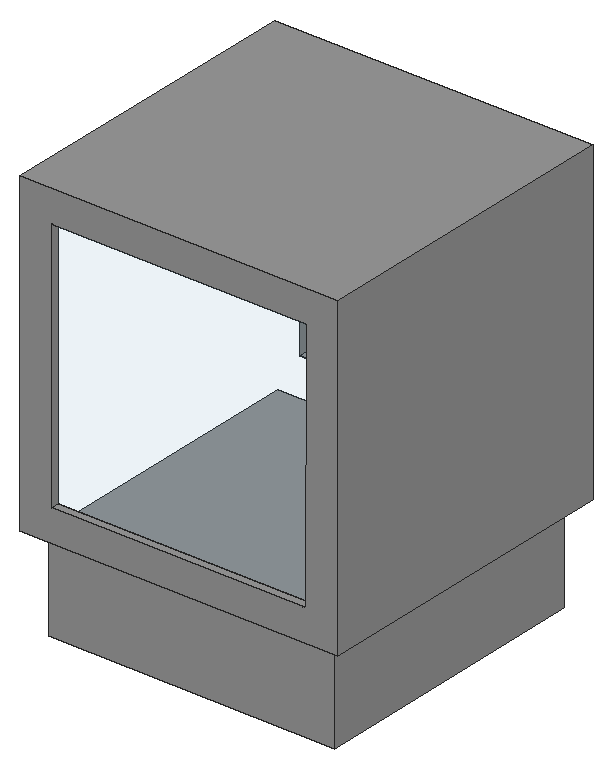
Revit family "UD800", category Lighting Fixtures, host Face, Revit 2024
Family settings
  Host = Face
  Round Connector Dimension = Use Diameter
  Part Type = Normal
  Cut with Voids When Loaded = No
  Light Source = Yes
  Maintain Annotation Orientation = No
  Shared = No
  Room Calculation Point = No
Parameters
  Wattage = 9.2903 W
  built-in parameter 1150110 = 1 (stored number, unit not read)
  URL = "https://cdn.shopify.com/s/files/1/0618/1250/6818/files/Lumux_800_Series.pdf?v=1724112162"
  built-in parameter 1114217 = 1 (stored number, unit not read)
  Tilt Angle = 0.00°
  built-in parameter 1150109 = 1 (stored number, unit not read)
  built-in parameter 1150134 = 3
  built-in parameter 1150113 = 1 (stored number, unit not read)
  built-in parameter 1010507 = 1.5708 (stored number, unit not read)
  built-in parameter 1010506 = 1.5708 (stored number, unit not read)
  Model = "UD800"
  Manufacturer = "sales@lumux.com"
  built-in parameter 1150105 = 4614.1 (stored number, unit not read)
  Lumens = 1380 lm
  built-in parameter 1150115 = 1 (stored number, unit not read)
  Light Source Symbol Length = 10' - 0"
  built-in parameter 1150137 = (empty or 0)
  built-in parameter 1150139 = (empty or 0)
  built-in parameter 1150112 = 1 (stored number, unit not read)
  built-in parameter 1150114 = 1 (stored number, unit not read)
  built-in parameter 1150132 = (empty or 0)
  built-in parameter 1150102 = (empty or 0)
  built-in parameter 1150107 = 3200 (stored number, unit not read)
  built-in parameter 1150138 = (empty or 0)
  built-in parameter 1150106 = 46.141 (stored number, unit not read)
  built-in parameter 1150104 = 13.8 (stored number, unit not read)
  Dimming Lamp Color Temperature Shift = (empty or 0)
  Description = "UP / DOWN LIGHT"
  Default Elevation = 4' - 0"
  Color Filter = 16777215
  built-in parameter 1114218 = 1 (stored number, unit not read)
  built-in parameter 1150133 = 10 (stored number, unit not read)
Reference planes (in)
  plane 1 "Center (Front/Back)": y = 0
  plane 2: z = 0
  plane 3 "Center (Left/Right)": x = 0
Forms (in)
  Extrusion 1, solid, material "Louvre"
    sketch origin (0, 0, -5.5) x (1, 0, 0) y (0, 0, -1)
      loop
        line (2.5, -7) -> (-2.5, -7) -> (-2.5, -12) -> (2.5, -12) -> (2.5, -7)
    from -2.5 to 2.5
  Extrusion 2, solid, material "Louvre"
    sketch origin (-0.25, 0.25, 0) x (1, 0, 0) y (0, 1, 0)
      loop
        line (-2, 2) -> (-2, -2.5) -> (2.5, -2.5) -> (2.5, 2) -> (-2, 2)
    from 0 to 1.5
  Extrusion 3, void
    sketch origin (0, -2.5, -5.5) x (1, 0, 0) y (0, 0, -1)
      loop
        line (-2, -11.5) -> (2, -11.5) -> (2, -7.5) -> (-2, -7.5) -> (-2, -11.5)
    from 0 to 0.125
  Extrusion 4, void
    sketch origin (0, 2.5, -5.5) x (1, 0, 0) y (0, 0, 1)
      loop
        line (-2, 11.5) -> (-2, 7.5) -> (2, 7.5) -> (2, 11.5) -> (-2, 11.5)
    from 0 to 0.125
Cuts and joins
  Extrusion 3, Extrusion 4 cuts Extrusion 1
Lines and regions (in)
  symbolic lines
    curve 1: line (0, 0, 10.75) -> (0, 0, -3.5)
Dimensions and locks (in)
  aligned and locked: plane 2 to host face
  aligned and locked: level to host face
